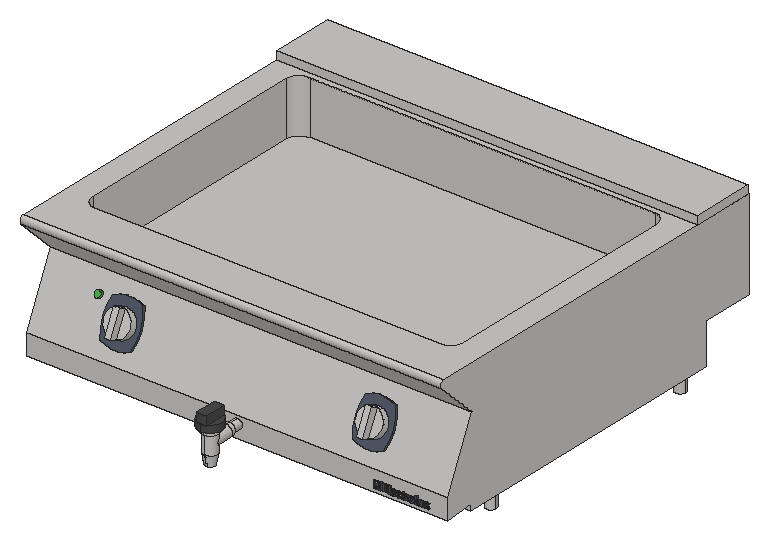
Revit family "QF_ELECTROLUXPROFESSIONAL_371145_E7BMEHB00N", category Specialty Equipment, Revit 2018
Family settings
  Round Connector Dimension = Use Diameter
  Part Type = Normal
  Work Plane-Based = No
  Always vertical = Yes
  Cut with Voids When Loaded = No
  Shared = No
  Room Calculation Point = No
Parameters
  Width = 800.1 mm  # constant formula
  Weight in Pounds = 60  # constant formula
  Watts = 3000 VA  # 3000 W
  Volts = 230 V  # constant formula
  URL Cutsheet = "www.electrolux.com/foodservice"
  URL = "www.electrolux.com/foodservice"
  Type Mark [instance] = ""
  Status [instance] = ""
  Specification by User [instance] = ""
  Specification by Manufacturer = ""
  Show Logo [instance] = yes
  Show Clearance [instance] = yes
  Serial Number = ""
  Seismic Rating = ""
  SMACNA No = ""
  Revision Code [instance] = ""
  Plumbing Remarks = ""
  Plumbing Connection Type = ""
  Phase = 3  # constant formula
  Omniclass Number and Title = ""
  Number of Poles [instance] = 1
  NAFEM Spec ID Number = ""
  Model = "371145"
  Min Ckt Ampacity = 0 A
  Max Overcurrent Protection = 0 A
  Masterspec = ""
  Manufacturer = "ELECTROLUX"
  Item Number [instance] = ""
  Installed By [instance] = ""
  Indirect Waste Size = 50 mm  # 1.9685"
  Indirect Waste Flow [instance] = 0 GPM
  Indirect Waste Connection Type = ""
  Indirect Waste Connection Height [instance] = 0 mm
  Identify Quantity as Lot [instance] = yes
  Height = 288.925 mm  # constant formula
  HP = "4 HP"
  Furnished By [instance] = ""
  Foodservice Equipment Identifier [instance] = yes
  FL Amps = if(Phase = 3, Watts / (Volts * 1.73), Watts / Volts)  # 7.53958 A
  Electrical Remarks [instance] = "230 V/3 ph/50/60 Hz"  # constant formula
  Electric Connection Type [instance] = ""
  Elec Conn RI Height [instance] = 0 mm
  Elec Conn Connection Height [instance] = 0 mm
  Direct Waste Size = 1/2"
  Description = "700XP Full Module Electric Bain Marie Top - 230V"
  Depth = 730.25 mm  # constant formula
  Cycle [instance] = if([60 Hertz Option], 60 Hz, 50 Hz)  # 60 Hz
  Conn Plug = ""
  Conn Conduit = yes
  CSI MasterFormat = ""
  CSI Master Format = ""
  Base Height [instance] = 23.813 mm  # constant formula
  Apparent Power = if(Phase = 3, Volts * FL Amps * 1.73, Volts * FL Amps)  # 3000 VA
  60 Hertz Option [instance] = not([50 Hertz Option])  # yes
  50 Hertz Option [instance] = no
Reference planes
  plane 1 "BACK": y = 0
  plane 2: z = 0
  plane 3 "LEFT": x = 0
  plane 4 "RIGHT": x = 800.1
  plane 5 "FRONT": y = -730.25
  plane 6 "TOP": z = 288.925
  plane 7 "Center Y": x = 400.05
  plane 8 "Center X": y = -365.125
  plane 9 "BASE": z = 23.813
  plane 10 "TOP A": z = 274.638
  plane 11: y = -597.884
  plane 12: y = -147.637
Forms (mm)
  Extrusion 1, solid, material "QF_Finishes_Stainless Steel"
    sketch origin (0, 0, 0) x (0, 1, 0) y (0, 0, 1)
      loop
        line (0, 274.638) -> (-723.029, 274.638)
        arc (-723.029, 274.638) -> (-729.756, 270.143) -> (-728.178, 262.208) r 7.281
        line (-728.178, 262.208) -> (-657.416, 191.447) -> (-713.772, 69.003) -> (-713.772, 30.903) -> (-660.4, 36.513) -> (-660.4, 23.812) -> (-101.6, 23.812) -> (-101.6, 101.6) -> (0, 101.6) -> (0, 274.638)
    from 0 to 800.1
  Extrusion 2, solid, material "QF_Finishes_Stainless Steel"
    sketch origin (0, 0, 274.638) x (-1, 0, 0) y (0, -1, 0)
      loop
        line (0, 0) -> (0, 120.65) -> (-800.1, 120.65) -> (-800.1, 0) -> (0, 0)
    from 0 to 14.287
  Extrusion 3, void
    sketch origin (0, 0, 274.638) x (-1, 0, 0) y (0, -1, 0)
      loop
        arc (-72.425, 132.504) -> (-54.464, 139.943) -> (-47.025, 157.904) r 25.4
        line (-47.025, 157.904) -> (-47.025, 617.104)
        arc (-47.025, 617.104) -> (-54.464, 635.064) -> (-72.425, 642.504) r 25.4
        line (-72.425, 642.504) -> (-727.675, 642.504)
        arc (-727.675, 642.504) -> (-745.636, 635.064) -> (-753.075, 617.104) r 25.4
        line (-753.075, 617.104) -> (-753.075, 157.904)
        arc (-753.075, 157.904) -> (-745.636, 139.943) -> (-727.675, 132.504) r 25.4
        line (-727.675, 132.504) -> (-72.425, 132.504)
    from 0 to -101.6
  Extrusion 4, solid, material "QF_Finishes_Stainless Steel"
    sketch origin (0, 0, 0) x (1, 0, 0) y (0, 1, 0)
      loop
        circle (11.112, -147.638) r 9.525
      loop
        circle (11.112, -597.884) r 9.525
      loop
        circle (788.987, -147.638) r 9.525
      loop
        circle (788.987, -597.884) r 9.525
    from 0 to 23.813
  Extrusion 5, solid, material "QF_Finishes_Green"
    sketch origin (-385.91, -713.772, 69.003) x (0, 0.418102, 0.9084) y (-1, 0, 0)
      loop
        circle (95.112, -490.898) r 6.35
    from 0 to 3.175
  Revolve 6, solid, material "QF_Finishes_Stainless Steel"
    sketch origin (400.05, -15.821, 0) x (0, 1, 0) y (0, 0, 1)
      loop
        line (-763.176, 15.689) -> (-754.167, 15.689) -> (-750.551, 36.201) -> (-750.551, 72.541) -> (-747.273, 72.541) -> (-747.273, 80.421) -> (-740.923, 80.421) -> (-740.923, 93.121) -> (-763.176, 93.121) -> (-763.176, 15.689)
      axis (-763.176, 15.689) -> (-763.176, 93.121)
    angle from 0 to 360
  Revolve 7, solid, material "QF_Finishes_Stainless Steel"
    sketch origin (400.05, 0, 0) x (0, 1, 0) y (0, 0, 1)
      loop
        line (-713.772, 55.563) -> (-782.002, 55.563) -> (-782.002, 43.259) -> (-742.607, 43.259) -> (-742.607, 44.961) -> (-733.614, 44.961) -> (-733.614, 47.008) -> (-713.772, 47.008) -> (-713.772, 55.563)
      axis (-782.002, 55.563) -> (-713.772, 55.563)
    angle from 0 to 360
  Extrusion 8, solid, material "QF_Finishes_Black"
    sketch origin (400.05, -778.997, 93.121) x (0, 1, 0) y (-1, 0, 0)
      loop
        line (20.063, 9.626) -> (-20.063, 9.626)
        arc (-20.063, 9.626) -> (-22.253, 0) -> (-20.063, -9.626) r 22.253
        line (-20.063, -9.626) -> (20.063, -9.626)
        arc (20.063, -9.626) -> (22.253, 0) -> (20.063, 9.626) r 22.253
    from 0 to 16.412
  Extrusion 9, solid, material "QF_Finishes_Stainless Steel"
    sketch origin (0, -101.6, 101.6) x (0, 0, -1) y (-1, 0, 0)
      loop
        circle (43.882, -62.029) r 12.7
    from 0 to 12.7
  Extrusion 10, solid, material "QF_Finishes_Clearance", visible <- "Show Clearance", detail levels coarse
    sketch origin (0, 0, 0) x (1, 0, 0) y (0, 1, 0)
      loop
        line (0, -730.25) -> (0, 0) -> (800.1, 0) -> (800.1, -730.25) -> (950.119, -730.25) -> (950.119, 150.019) -> (-150.019, 150.019) -> (-150.019, -730.25) -> (0, -730.25)
    from 0 to 288.925
  Extrusion 11, solid, material "QF_Finishes_Navy Blue"
    sketch origin (-379.27, -713.772, 69.003) x (0, 0.418102, 0.9084) y (-1, 0, 0)
      loop
        arc (102.623, -510.47) -> (67.041, -502.846) -> (31.333, -509.853) r 90.5
        arc (31.333, -509.853) -> (24.507, -539.04) -> (31.333, -568.228) r 65.817
        arc (31.333, -568.228) -> (67.04, -575.188) -> (102.623, -567.615) r 91.066
        arc (102.623, -567.615) -> (109.179, -539.043) -> (102.623, -510.47) r 65.546
    from 0 to 3.175
  Extrusion 12, solid, material "QF_Finishes_Stainless Steel"
    sketch origin (-0.52, -717.485, 68.529) x (0, 0.418102, 0.9084) y (-1, 0, 0)
      loop
        circle (68.826, -160.963) r 25.4
    from 0 to 12.7
  Extrusion 13, solid, material "QF_Finishes_Stainless Steel"
    sketch origin (-0.52, -729.022, 73.839) x (0, 0.418102, 0.9084) y (-1, 0, 0)
      loop
        arc (93.558, -166.749) -> (94.226, -160.963) -> (93.558, -155.177) r 25.4
        line (93.558, -155.177) -> (44.094, -155.177)
        arc (44.094, -155.177) -> (43.426, -160.963) -> (44.094, -166.749) r 25.4
        line (44.094, -166.749) -> (93.558, -166.749)
    from 0 to 12.7
  Extrusion 14, solid, material "QF_Finishes_Navy Blue", visible <- "Show Logo"
    sketch origin (372.5, -713.772, 30.903) x (0, 0, 1) y (-1, 0, 0)
      loop
        line (20.674, -296.698) -> (8.307, -296.698)
        arc (8.307, -296.698) -> (14.491, -301.27) -> (20.674, -296.698) r 6.467
      loop
        arc (20.674, -296.069) -> (19.505, -290.926) -> (14.849, -288.448) r 6.338
        line (14.849, -288.448) -> (14.849, -290.494)
        arc (14.849, -290.494) -> (16.333, -294.149) -> (19.778, -296.069) r 5.941
        line (19.778, -296.069) -> (20.674, -296.069)
      loop
        arc (9.203, -296.069) -> (12.648, -294.149) -> (14.132, -290.494) r 5.941
        line (14.132, -290.494) -> (14.132, -288.448)
        arc (14.132, -288.448) -> (9.438, -290.922) -> (8.148, -296.069) r 6.504
        line (8.148, -296.069) -> (9.203, -296.069)
      loop
        line (21.349, -287.979) -> (7.604, -287.979) -> (7.604, -301.742) -> (21.349, -301.742) -> (21.349, -287.979)
      loop
        arc (21.432, -304.71) -> (21.085, -304.352) -> (20.718, -304.69) r 0.358
        arc (20.718, -304.69) -> (20.404, -305.44) -> (19.687, -305.825) r 1.216
        line (19.687, -305.825) -> (9.274, -305.825)
        arc (9.274, -305.825) -> (8.614, -305.548) -> (8.218, -304.951) r 1.238
        arc (8.218, -304.951) -> (7.823, -304.7) -> (7.518, -305.054) r 0.358
        line (7.518, -305.054) -> (7.518, -314.933) -> (10.269, -314.933) -> (10.269, -314.036)
        arc (10.269, -314.036) -> (9.36, -313.456) -> (8.904, -312.479) r 1.928
        line (8.904, -312.479) -> (8.904, -309.98)
        arc (8.904, -309.98) -> (9.18, -309.251) -> (9.868, -308.887) r 1.101
        line (9.868, -308.887) -> (13.955, -308.887) -> (13.955, -312.561)
        arc (13.955, -312.561) -> (13.602, -313.058) -> (13.037, -313.286) r 1.083
        arc (13.037, -313.286) -> (12.773, -313.591) -> (13.065, -313.869) r 0.292
        line (13.065, -313.869) -> (16.028, -313.869)
        arc (16.028, -313.869) -> (16.33, -313.596) -> (16.092, -313.266) r 0.305
        arc (16.092, -313.266) -> (15.601, -313.018) -> (15.296, -312.561) r 1.083
        line (15.296, -312.561) -> (15.296, -308.887) -> (19.973, -308.887) -> (19.973, -312.635)
        arc (19.973, -312.635) -> (19.759, -313.39) -> (19.153, -313.888) r 1.314
        arc (19.153, -313.888) -> (18.934, -314.292) -> (19.288, -314.585) r 0.361
        line (19.288, -314.585) -> (21.432, -314.585) -> (21.432, -304.71)
      loop
        arc (20.715, -315.365) -> (20.335, -316.284) -> (19.416, -316.664) r 1.299
        line (19.416, -316.664) -> (9.837, -316.664)
        arc (9.837, -316.664) -> (8.999, -316.286) -> (8.728, -315.408) r 1.118
        line (8.728, -315.408) -> (7.518, -315.408) -> (7.518, -320.758) -> (8.706, -320.758)
        arc (8.706, -320.758) -> (8.978, -319.841) -> (9.848, -319.445) r 1.153
        line (9.848, -319.445) -> (21.92, -319.445) -> (20.715, -315.365)
      loop
        line (12.483, -323.394) -> (12.483, -329.842) -> (13.282, -329.842)
        arc (13.282, -329.842) -> (15.862, -328.857) -> (17.131, -326.404) r 3.874
        line (17.131, -326.404) -> (17.131, -324.643)
        arc (17.131, -324.643) -> (15.944, -321.778) -> (13.08, -320.592) r 4.051
        line (13.08, -320.592) -> (11.072, -320.592)
        arc (11.072, -320.592) -> (8.253, -322.077) -> (7.202, -325.084) r 4.352
        arc (7.202, -325.084) -> (7.566, -327.547) -> (8.943, -329.621) r 5.713
        line (8.943, -329.621) -> (9.892, -329.621)
        arc (9.892, -329.621) -> (9.16, -328.052) -> (8.943, -326.334) r 5.579
        arc (8.943, -326.334) -> (9.737, -324.371) -> (11.616, -323.394) r 3.057
        line (11.616, -323.394) -> (12.483, -323.394)
      loop
        line (13.742, -323.394) -> (13.742, -326.977)
        arc (13.742, -326.977) -> (15.199, -327.024) -> (16.082, -325.864) r 1.59
        line (16.082, -325.864) -> (16.082, -325.034)
        arc (16.082, -325.034) -> (15.217, -323.779) -> (13.742, -323.394) r 2.184
      loop
        arc (16.533, -339.259) -> (17.022, -337.585) -> (17.179, -335.848) r 9.023
        line (17.179, -335.848) -> (17.179, -334.486)
        arc (17.179, -334.486) -> (16.02, -331.686) -> (13.22, -330.527) r 3.959
        line (13.22, -330.527) -> (10.62, -330.527)
        arc (10.62, -330.527) -> (8.338, -331.819) -> (7.221, -334.192) r 4.331
        line (7.221, -334.192) -> (7.221, -336.327)
        arc (7.221, -336.327) -> (7.729, -337.877) -> (8.651, -339.223) r 5.772
        arc (8.651, -339.223) -> (9.412, -339.274) -> (9.499, -338.515) r 0.553
        arc (9.499, -338.515) -> (9.111, -337.781) -> (8.977, -336.962) r 2.573
        line (8.977, -336.962) -> (8.977, -335.447)
        arc (8.977, -335.447) -> (9.983, -333.806) -> (11.798, -333.163) r 2.884
        line (11.798, -333.163) -> (13.077, -333.163)
        arc (13.077, -333.163) -> (14.898, -333.723) -> (15.824, -335.388) r 2.554
        line (15.824, -335.388) -> (15.824, -336.441)
        arc (15.824, -336.441) -> (15.493, -337.369) -> (14.836, -338.104) r 2.564
        arc (14.836, -338.104) -> (14.614, -338.821) -> (15.223, -339.259) r 0.643
        line (15.223, -339.259) -> (16.533, -339.259)
      loop
        line (15.515, -339.53) -> (15.515, -341.031) -> (9.467, -341.031)
        arc (9.467, -341.031) -> (7.879, -341.688) -> (7.221, -343.276) r 2.246
        line (7.221, -343.276) -> (7.221, -344.86)
        arc (7.221, -344.86) -> (7.535, -345.725) -> (8.035, -346.496) r 4.06
        arc (8.035, -346.496) -> (8.768, -346.629) -> (9.019, -345.928) r 0.576
        arc (9.019, -345.928) -> (8.913, -345.403) -> (8.977, -344.87) r 1.69
        arc (8.977, -344.87) -> (9.519, -344.082) -> (10.425, -343.779) r 1.506
        line (10.425, -343.779) -> (15.563, -343.779) -> (15.563, -346.176) -> (16.119, -346.733) -> (16.941, -346.733) -> (16.941, -343.873) -> (20.172, -343.873) -> (15.515, -339.53)
      loop
        line (7.438, -347.63) -> (7.438, -353.017) -> (8.548, -353.017)
        arc (8.548, -353.017) -> (8.942, -352.066) -> (9.893, -351.672) r 1.345
        line (9.893, -351.672) -> (13.509, -351.672)
        arc (13.509, -351.672) -> (14.274, -352.264) -> (14.564, -353.186) r 1.615
        line (14.564, -353.186) -> (14.564, -354.742) -> (17.119, -355.427) -> (17.119, -354.044) -> (15.177, -351.485) -> (17.057, -351.485) -> (16.773, -348.779)
        arc (16.773, -348.779) -> (16.333, -348.249) -> (15.674, -348.45) r 0.621
        arc (15.674, -348.45) -> (15.274, -348.792) -> (14.78, -348.975) r 1.501
        line (14.78, -348.975) -> (9.893, -348.975)
        arc (9.893, -348.975) -> (8.942, -348.581) -> (8.548, -347.63) r 1.345
        line (8.548, -347.63) -> (7.438, -347.63)
      loop
        line (13.54, -354.964) -> (10.848, -354.964)
        arc (10.848, -354.964) -> (8.403, -356.272) -> (7.269, -358.803) r 4.288
        arc (7.269, -358.803) -> (7.205, -360.183) -> (7.269, -361.563) r 15.022
        arc (7.269, -361.563) -> (8.403, -364.094) -> (10.848, -365.401) r 4.288
        line (10.848, -365.401) -> (13.54, -365.401)
        arc (13.54, -365.401) -> (15.986, -364.094) -> (17.119, -361.563) r 4.288
        arc (17.119, -361.563) -> (17.183, -360.183) -> (17.119, -358.803) r 15.022
        arc (17.119, -358.803) -> (15.986, -356.272) -> (13.54, -354.964) r 4.288
      loop
        line (13.745, -358.078) -> (10.643, -358.078)
        arc (10.643, -358.078) -> (8.486, -360.235) -> (10.643, -362.392) r 2.157
        line (10.643, -362.392) -> (13.745, -362.392)
        arc (13.745, -362.392) -> (15.902, -360.235) -> (13.745, -358.078) r 2.157
      loop
        arc (20.726, -365.26) -> (20.355, -366.154) -> (19.461, -366.524) r 1.264
        line (19.461, -366.524) -> (9.597, -366.524)
        arc (9.597, -366.524) -> (8.727, -366.127) -> (8.455, -365.211) r 1.153
        line (8.455, -365.211) -> (7.518, -365.211) -> (7.518, -370.319) -> (8.446, -370.319)
        arc (8.446, -370.319) -> (8.805, -369.547) -> (9.597, -369.232) r 1.153
        line (9.597, -369.232) -> (21.92, -369.232) -> (20.726, -365.26)
      loop
        arc (15.846, -369.857) -> (15.647, -370.921) -> (14.678, -371.403) r 1.215
        line (14.678, -371.403) -> (9.658, -371.403)
        arc (9.658, -371.403) -> (8.043, -372.051) -> (7.322, -373.634) r 2.338
        line (7.322, -373.634) -> (7.322, -375.148)
        arc (7.322, -375.148) -> (7.497, -376.152) -> (7.999, -377.038) r 2.979
        line (7.999, -377.038) -> (7.518, -378.835) -> (7.518, -380.524) -> (16.943, -380.524) -> (16.649, -376.32) -> (15.863, -376.32)
        arc (15.863, -376.32) -> (15.507, -377.156) -> (14.755, -377.665) r 1.605
        line (14.755, -377.665) -> (9.652, -377.665)
        arc (9.652, -377.665) -> (9.232, -376.728) -> (9.159, -375.704) r 2.94
        arc (9.159, -375.704) -> (9.72, -374.603) -> (10.873, -374.16) r 1.724
        line (10.873, -374.16) -> (17.07, -374.16) -> (15.846, -369.857)
      loop
        line (16.874, -381.377) -> (15.202, -383.423) -> (12.028, -385.729) -> (8.572, -382.617)
        arc (8.572, -382.617) -> (8.335, -382.223) -> (8.357, -381.764) r 0.789
        line (8.357, -381.764) -> (7.518, -381.764) -> (7.518, -385.309) -> (8.344, -385.309)
        arc (8.344, -385.309) -> (8.686, -384.947) -> (9.176, -385.039) r 0.52
        line (9.176, -385.039) -> (10.976, -386.51) -> (8.858, -387.886)
        arc (8.858, -387.886) -> (8.457, -387.576) -> (8.37, -387.076) r 0.7
        line (8.37, -387.076) -> (7.518, -387.076) -> (7.518, -393.003) -> (8.405, -393.003)
        arc (8.405, -393.003) -> (8.472, -392.344) -> (8.866, -391.813) r 1.247
        line (8.866, -391.813) -> (13.066, -388.532) -> (15.513, -390.585) -> (16.874, -392.327) -> (16.874, -388.604) -> (15.389, -389.026) -> (13.868, -387.749) -> (15.568, -386.559) -> (16.874, -387.336) -> (16.874, -381.377)
    from 0 to 1.644
  Extrusion 15, solid, material "QF_Finishes_Navy Blue"
    sketch origin (1179.37, -713.772, 69.003) x (0, 0.418102, 0.9084) y (-1, 0, 0)
      loop
        arc (102.623, 510.47) -> (109.179, 539.043) -> (102.623, 567.615) r 65.546
        arc (102.623, 567.615) -> (67.04, 575.188) -> (31.333, 568.228) r 91.066
        arc (31.333, 568.228) -> (24.507, 539.04) -> (31.333, 509.853) r 65.817
        arc (31.333, 509.853) -> (67.041, 502.846) -> (102.623, 510.47) r 90.5
    from 0 to 3.175
  Extrusion 16, solid, material "QF_Finishes_Stainless Steel"
    sketch origin (1558.12, -717.485, 68.529) x (0, 0.418102, 0.9084) y (-1, 0, 0)
      loop
        circle (68.826, 918.463) r 25.4
    from 0 to 12.7
  Extrusion 17, solid, material "QF_Finishes_Stainless Steel"
    sketch origin (1558.12, -729.022, 73.839) x (0, 0.418102, 0.9084) y (-1, 0, 0)
      loop
        line (93.558, 924.249) -> (44.094, 924.249)
        arc (44.094, 924.249) -> (43.426, 918.463) -> (44.094, 912.677) r 25.4
        line (44.094, 912.677) -> (93.558, 912.677)
        arc (93.558, 912.677) -> (94.226, 918.463) -> (93.558, 924.249) r 25.4
    from 0 to 12.7
Cuts and joins
  Extrusion 3 cuts Extrusion 1
Lines and regions (mm)
  symbolic lines, style "QF-Clearances", visible <- "Show Clearance", detail levels coarse
    curve 1: line (-150.019, 150.019, 274.638) -> (-150.019, -730.25, 274.638)
    curve 2: line (950.119, 150.019, 274.638) -> (-150.019, 150.019, 274.638)
    curve 3: line (950.119, -730.25, 274.638) -> (950.119, 150.019, 274.638)
  symbolic lines
    curve 4: line (0, 0, 274.638) -> (800.1, 0, 274.638)
    curve 5: line (0, -730.25, 274.638) -> (0, 0, 274.638)
    curve 6: line (800.1, 0, 274.638) -> (800.1, -730.25, 274.638)
    curve 7: line (47.025, -157.904, 274.638) -> (47.025, -617.104, 274.638)
    curve 8: arc (47.025, -617.104, 274.638) -> (54.464, -635.064, 274.638) -> (72.425, -642.504, 274.638) r 25.4
    curve 9: line (72.425, -642.504, 274.638) -> (727.675, -642.504, 274.638)
    curve 10: arc (727.675, -642.504, 274.638) -> (745.636, -635.064, 274.638) -> (753.075, -617.104, 274.638) r 25.4
    curve 11: line (753.075, -617.104, 274.638) -> (753.075, -157.904, 274.638)
    curve 12: line (727.675, -132.504, 274.638) -> (72.425, -132.504, 274.638)
    curve 13: line (0, -120.65, 274.638) -> (800.1, -120.65, 274.638)
    curve 14: line (0, -69.85, 274.638) -> (0, -120.65, 274.638)
    curve 15: circle (400.05, -778.997, 274.638) r 22.253 normal (0, 0, 1)
    curve 16: line (800.1, -730.25, 274.638) -> (0, -730.25, 274.638)
    curve 17: line (409.676, -799.06, 274.638) -> (409.676, -758.934, 274.638)
    curve 18: line (390.424, -799.06, 274.638) -> (390.424, -758.934, 274.638)
    curve 19: arc (72.425, -132.504, 274.638) -> (54.464, -139.943, 274.638) -> (47.025, -157.904, 274.638) r 25.4
    curve 20: arc (727.675, -132.504, 274.638) -> (745.636, -139.943, 274.638) -> (753.075, -157.904, 274.638) r 25.4
    curve 21: line (389.379, -759.47, 274.638) -> (389.379, -730.25, 274.638)
    curve 22: line (410.721, -759.47, 274.638) -> (410.721, -730.25, 274.638)
Dimensions and locks
  equal spacing: plane 3 "LEFT", plane 7 "Center Y", plane 4 "RIGHT"
  "Width": plane 3 "LEFT" to plane 4 "RIGHT"
  equal spacing: plane 5 "FRONT", plane 8 "Center X", plane 1 "BACK"
  "Depth": plane 5 "FRONT" to plane 1 "BACK"
  "Height": plane 6 "TOP" to level
  plane 1 "BACK" to plane 5 "FRONT" = 730.25 mm
  "Base Height": plane 9 "BASE" to level
  locked: plane 10 "TOP A" to plane 9 "BASE" at 250.825
  aligned and locked: level to plane 2
  aligned and locked: plane 4 "RIGHT" to Extrusion 1
  aligned and locked: plane 6 "TOP" to Extrusion 2
  aligned and locked: Extrusion 4 to plane 9 "BASE"
  aligned and locked: plane 6 "TOP" to Extrusion 10
  aligned and locked: plane 4 "RIGHT" to Extrusion 2
Automatic sketch dimensions
  Extrusion 1 sketch curve to plane 10 "TOP A" = 0 mm
  Extrusion 1 sketch curve to plane 9 "BASE" = 0 mm
  Extrusion 1 sketch curve to plane 1 "BACK" = 0 mm
  Extrusion 1 sketch curve to plane 12 = 46.038 mm
  plane 11 to Extrusion 1 sketch curve = 59.531 mm
  plane 9 "BASE" to Extrusion 1 sketch curve = 12.7 mm
  plane 11 to Extrusion 1 sketch curve = 62.516 mm
  Extrusion 1 sketch curve to plane 5 "FRONT" = 16.478 mm
  Extrusion 1 sketch curve to plane 5 "FRONT" = 7.221 mm
  Extrusion 1 sketch curve to plane 5 "FRONT" = 2.072 mm
  plane 9 "BASE" to Extrusion 1 sketch curve = 7.09 mm
  Extrusion 1 sketch curve to Extrusion 1 sketch curve = 38.1 mm
  plane 9 "BASE" to Extrusion 1 sketch curve = 77.788 mm
  Extrusion 1 sketch curve to plane 10 "TOP A" = 83.191 mm
  Extrusion 1 sketch curve to plane 10 "TOP A" = 12.429 mm
  plane 1 "BACK" to Extrusion 2 sketch curve = 0 mm
  Extrusion 2 sketch curve to plane 4 "RIGHT" = 0 mm
  Extrusion 2 sketch curve to plane 3 "LEFT" = 0 mm
  Extrusion 2 sketch curve to plane 12 = 26.988 mm
  Extrusion 3 sketch curve to plane 4 "RIGHT" = 47.025 mm
  Extrusion 3 sketch curve to Extrusion 3 sketch curve = 25.4 mm  (x3)
  Extrusion 3 sketch curve to plane 12 = 15.134 mm
  plane 12 to Extrusion 3 sketch curve = 10.266 mm
  plane 3 "LEFT" to Extrusion 3 sketch curve = 72.425 mm
  plane 11 to Extrusion 3 sketch curve = 19.219 mm
  plane 11 to Extrusion 4 sketch curve = 0 mm  (x2)
  plane 12 to Extrusion 4 sketch curve = 0 mm  (x2)
  plane 3 "LEFT" to Extrusion 4 sketch curve = 11.112 mm  (x2)
  Extrusion 4 sketch curve to plane 4 "RIGHT" = 11.113 mm  (x2)
  Extrusion 1 to Extrusion 5 sketch curve = 39.678 mm
  Extrusion 1 to Extrusion 5 sketch curve = 104.988 mm
  Revolve 6 sketch curve to plane 9 "BASE" = 8.123 mm
  plane 5 "FRONT" to Revolve 6 sketch curve = 48.747 mm
  Revolve 6 sketch curve to Revolve 6 sketch curve = 0 mm
  Revolve 6 sketch curve to Revolve 6 sketch curve = 9.009 mm
  plane 9 "BASE" to Revolve 6 sketch curve = 12.388 mm
  Revolve 6 sketch curve to Revolve 6 sketch curve = 3.617 mm
  Revolve 6 sketch curve to Revolve 6 sketch curve = 3.277 mm
  Revolve 6 sketch curve to Revolve 6 sketch curve = 6.35 mm
  Revolve 6 sketch curve to Revolve 6 sketch curve = 36.341 mm
  Revolve 6 sketch curve to Revolve 6 sketch curve = 7.879 mm
  Revolve 6 sketch curve to Revolve 6 sketch curve = 12.7 mm  (x2)
  Revolve 6 sketch curve to Revolve 6 sketch curve = 15.064 mm
  plane 5 "FRONT" to Revolve 7 sketch curve = 51.752 mm
  plane 5 "FRONT" to Revolve 7 sketch curve = 12.357 mm
  plane 5 "FRONT" to Revolve 7 sketch curve = 3.364 mm
  Revolve 7 sketch curve to plane 5 "FRONT" = 16.478 mm
  Revolve 7 sketch curve to Revolve 7 sketch curve = 0 mm  (x2)
  Revolve 7 sketch curve to Revolve 7 sketch curve = 9.137 mm
  plane 9 "BASE" to Revolve 7 sketch curve = 19.447 mm
  Revolve 7 sketch curve to Revolve 7 sketch curve = 1.702 mm
  Revolve 7 sketch curve to Revolve 7 sketch curve = 2.047 mm
  Revolve 7 sketch curve to Revolve 7 sketch curve = 12.303 mm
  Extrusion 8 sketch curve to Revolve 6 = 9.626 mm
  Revolve 6 to Extrusion 8 sketch curve = 9.626 mm
  Extrusion 8 sketch curve to Extrusion 8 sketch curve = 0 mm
  Extrusion 1 to Extrusion 9 sketch curve = 33.906 mm
  Extrusion 1 to Extrusion 9 sketch curve = 62.029 mm
  plane 5 "FRONT" to Extrusion 10 sketch curve = 0 mm  (x2)
  plane 1 "BACK" to Extrusion 10 sketch curve = 0 mm
  Extrusion 10 sketch curve to plane 3 "LEFT" = 0 mm
  Extrusion 10 sketch curve to plane 4 "RIGHT" = 0 mm
  Extrusion 10 sketch curve to plane 3 "LEFT" = 150.019 mm
  plane 4 "RIGHT" to Extrusion 10 sketch curve = 150.019 mm
  Extrusion 10 sketch curve to plane 1 "BACK" = 150.019 mm
  plane 5 "FRONT" to curve 3 = 0 mm
  curve 13 to plane 4 "RIGHT" = 0 mm
  plane 5 "FRONT" to curve 22 = 0 mm
  curve 15 to plane 7 "Center Y" = 0 mm
  curve 14 to plane 3 "LEFT" = 0 mm
  plane 1 "BACK" to curve 5 = 0 mm
  curve 5 to plane 3 "LEFT" = 0 mm
  plane 5 "FRONT" to curve 1 = 0 mm
  plane 4 "RIGHT" to curve 3 = 150.019 mm
  curve 10 to plane 4 "RIGHT" = 47.025 mm
  curve 12 to plane 12 = 15.134 mm
  curve 11 to curve 12 = 25.4 mm
  curve 10 to curve 10 = 25.4 mm
  plane 7 "Center Y" to curve 22 = 10.671 mm
  plane 7 "Center Y" to curve 17 = 9.626 mm
  curve 18 to plane 7 "Center Y" = 9.626 mm
  curve 18 to curve 21 = 1.046 mm
  plane 3 "LEFT" to curve 12 = 72.425 mm
  plane 11 to curve 8 = 19.219 mm
  plane 3 "LEFT" to curve 8 = 72.425 mm
  curve 8 to curve 7 = 25.4 mm
  curve 1 to plane 3 "LEFT" = 150.019 mm
  curve 1 to plane 1 "BACK" = 150.019 mm
  plane 1 "BACK" to curve 14 = 69.85 mm
  curve 13 to plane 12 = 26.988 mm
  plane 5 "FRONT" to curve 17 = 28.684 mm
  curve 18 to curve 21 = 0.536 mm
  Extrusion 11 sketch curve to Extrusion 1 = 31.333 mm  (x2)
  Extrusion 11 sketch curve to Extrusion 11 sketch curve = 12.3 mm  (x3)
  Extrusion 11 sketch curve to Extrusion 11 sketch curve = 34.925 mm  (x2)
  Extrusion 1 to Extrusion 11 sketch curve = 44.467 mm
  Extrusion 1 to Extrusion 11 sketch curve = 214.072 mm
  Extrusion 11 sketch curve to Extrusion 11 sketch curve = 25.114 mm
  Extrusion 11 sketch curve to Extrusion 11 sketch curve = 25.727 mm
  Extrusion 11 sketch curve to Extrusion 11 sketch curve = 29.185 mm
  Extrusion 13 sketch curve to Extrusion 13 sketch curve = 24.732 mm
  Extrusion 13 sketch curve to Extrusion 13 sketch curve = 0 mm
  plane 9 "BASE" to Extrusion 14 sketch curve = 9.251 mm
  plane 9 "BASE" to Extrusion 14 sketch curve = 14.292 mm
  plane 9 "BASE" to Extrusion 14 sketch curve = 14.311 mm
  Extrusion 14 sketch curve to Extrusion 14 sketch curve = 0 mm  (x28)
  Extrusion 14 sketch curve to Extrusion 14 sketch curve = 5.108 mm  (x2)
  Extrusion 14 sketch curve to Extrusion 14 sketch curve = 0.054 mm
  Extrusion 14 sketch curve to Extrusion 14 sketch curve = 0.218 mm
  Extrusion 14 sketch curve to Extrusion 14 sketch curve = 0.195 mm
  Extrusion 14 sketch curve to Extrusion 14 sketch curve = 0.249 mm
  plane 9 "BASE" to Extrusion 14 sketch curve = 14.608 mm
  Extrusion 14 sketch curve to Extrusion 14 sketch curve = 0.087 mm
  Extrusion 14 sketch curve to Extrusion 14 sketch curve = 0.358 mm
  Extrusion 14 sketch curve to Extrusion 14 sketch curve = 0.481 mm
  Extrusion 14 sketch curve to Extrusion 14 sketch curve = 0.597 mm
  Extrusion 14 sketch curve to Extrusion 14 sketch curve = 0.544 mm
  Extrusion 14 sketch curve to Extrusion 14 sketch curve = 0.936 mm
  Extrusion 14 sketch curve to Extrusion 14 sketch curve = 0.594 mm
  Extrusion 14 sketch curve to Extrusion 14 sketch curve = 0.343 mm
  Extrusion 14 sketch curve to Extrusion 14 sketch curve = 0.159 mm
  Extrusion 14 sketch curve to Extrusion 14 sketch curve = 0.826 mm
  Extrusion 14 sketch curve to Extrusion 14 sketch curve = 0.839 mm
  Extrusion 14 sketch curve to Extrusion 14 sketch curve = 0.852 mm
  Extrusion 14 sketch curve to Extrusion 14 sketch curve = 0.887 mm
  Extrusion 14 sketch curve to Extrusion 14 sketch curve = 0.928 mm
  Extrusion 14 sketch curve to Extrusion 14 sketch curve = 0.938 mm
  Extrusion 14 sketch curve to Extrusion 14 sketch curve = 0.444 mm
  Extrusion 14 sketch curve to Extrusion 14 sketch curve = 1.11 mm  (x3)
  Extrusion 14 sketch curve to Extrusion 14 sketch curve = 0.215 mm
  Extrusion 14 sketch curve to Extrusion 14 sketch curve = 1.43 mm
  Extrusion 14 sketch curve to Extrusion 14 sketch curve = 1.188 mm
  Extrusion 14 sketch curve to Extrusion 14 sketch curve = 1.21 mm  (x2)
  Extrusion 14 sketch curve to Extrusion 14 sketch curve = 0.503 mm
  Extrusion 14 sketch curve to Extrusion 14 sketch curve = 0.488 mm
  Extrusion 14 sketch curve to Extrusion 14 sketch curve = 0.462 mm
  Extrusion 14 sketch curve to Extrusion 14 sketch curve = 1.386 mm
  Extrusion 14 sketch curve to Extrusion 14 sketch curve = 1.742 mm  (x2)
  Extrusion 14 sketch curve to Extrusion 14 sketch curve = 0.821 mm
  Extrusion 14 sketch curve to Extrusion 14 sketch curve = 0.497 mm
  Extrusion 14 sketch curve to Extrusion 14 sketch curve = 0.539 mm
  Extrusion 14 sketch curve to Extrusion 14 sketch curve = 0.686 mm
  Extrusion 14 sketch curve to Extrusion 14 sketch curve = 0.408 mm
  Extrusion 14 sketch curve to Extrusion 14 sketch curve = 0.743 mm
  Extrusion 14 sketch curve to Extrusion 14 sketch curve = 1.16 mm
  Extrusion 14 sketch curve to Extrusion 14 sketch curve = 0.329 mm
  Extrusion 14 sketch curve to Extrusion 14 sketch curve = 1.054 mm
  Extrusion 14 sketch curve to Extrusion 14 sketch curve = 1.056 mm
  Extrusion 14 sketch curve to Extrusion 14 sketch curve = 0.129 mm
  Extrusion 14 sketch curve to Extrusion 14 sketch curve = 0.489 mm
  Extrusion 14 sketch curve to Extrusion 14 sketch curve = 0.441 mm
  Extrusion 14 sketch curve to Extrusion 14 sketch curve = 1.151 mm
  Extrusion 14 sketch curve to Extrusion 14 sketch curve = 1.141 mm  (x2)
  Extrusion 14 sketch curve to Extrusion 14 sketch curve = 0.768 mm
  Extrusion 14 sketch curve to Extrusion 14 sketch curve = 1.653 mm
  Extrusion 14 sketch curve to Extrusion 14 sketch curve = 0.499 mm
  Extrusion 14 sketch curve to Extrusion 14 sketch curve = 0.964 mm
  Extrusion 14 sketch curve to Extrusion 14 sketch curve = 0.949 mm
  Extrusion 14 sketch curve to Extrusion 14 sketch curve = 1.345 mm  (x3)
  Extrusion 14 sketch curve to Extrusion 14 sketch curve = 1.101 mm
  Extrusion 14 sketch curve to Extrusion 14 sketch curve = 0.432 mm
  Extrusion 14 sketch curve to Extrusion 14 sketch curve = 1.142 mm
  Extrusion 14 sketch curve to Extrusion 14 sketch curve = 0.959 mm
  Extrusion 14 sketch curve to Extrusion 14 sketch curve = 0.176 mm
  Extrusion 14 sketch curve to Extrusion 14 sketch curve = 0.728 mm
  Extrusion 14 sketch curve to Extrusion 14 sketch curve = 3.375 mm  (x2)
  Extrusion 14 sketch curve to Extrusion 14 sketch curve = 0.541 mm
  Extrusion 14 sketch curve to Extrusion 14 sketch curve = 0.955 mm
  Extrusion 14 sketch curve to Extrusion 14 sketch curve = 1.251 mm
  Extrusion 14 sketch curve to Extrusion 14 sketch curve = 0.572 mm
  Extrusion 14 sketch curve to Extrusion 14 sketch curve = 1.92 mm
  Extrusion 14 sketch curve to Extrusion 14 sketch curve = 1.224 mm
  Extrusion 14 sketch curve to Extrusion 14 sketch curve = 0.745 mm
  Extrusion 14 sketch curve to Extrusion 14 sketch curve = 2.537 mm
  Extrusion 14 sketch curve to Extrusion 14 sketch curve = 0.896 mm  (x3)
  Extrusion 14 sketch curve to Extrusion 14 sketch curve = 0.036 mm
  Extrusion 14 sketch curve to Extrusion 14 sketch curve = 2.607 mm
  Extrusion 14 sketch curve to Extrusion 14 sketch curve = 0.066 mm
  Extrusion 14 sketch curve to Extrusion 14 sketch curve = 0.248 mm
  Extrusion 14 sketch curve to Extrusion 14 sketch curve = 0.449 mm
  Extrusion 14 sketch curve to Extrusion 14 sketch curve = 1.052 mm
  Extrusion 14 sketch curve to Extrusion 14 sketch curve = 1.863 mm
  Extrusion 14 sketch curve to Extrusion 14 sketch curve = 1.31 mm  (x2)
  Extrusion 14 sketch curve to Extrusion 14 sketch curve = 0.901 mm
  Extrusion 14 sketch curve to Extrusion 14 sketch curve = 1.107 mm
  Extrusion 14 sketch curve to Extrusion 14 sketch curve = 2.122 mm
  Extrusion 14 sketch curve to Extrusion 14 sketch curve = 2.101 mm
  Extrusion 14 sketch curve to Extrusion 14 sketch curve = 0.106 mm
  Extrusion 14 sketch curve to Extrusion 14 sketch curve = 0.029 mm
  Extrusion 14 sketch curve to Extrusion 14 sketch curve = 2.09 mm
  Extrusion 14 sketch curve to Extrusion 14 sketch curve = 1.279 mm
  Extrusion 14 sketch curve to Extrusion 14 sketch curve = 2.008 mm
  Extrusion 14 sketch curve to Extrusion 14 sketch curve = 0.738 mm
  Extrusion 14 sketch curve to Extrusion 14 sketch curve = 0.382 mm
  Extrusion 14 sketch curve to Extrusion 14 sketch curve = 0.384 mm
  Extrusion 14 sketch curve to Extrusion 14 sketch curve = 0.002 mm
  Extrusion 14 sketch curve to Extrusion 14 sketch curve = 0.561 mm
  Extrusion 14 sketch curve to Extrusion 14 sketch curve = 0.592 mm
  Extrusion 14 sketch curve to Extrusion 14 sketch curve = 2.692 mm
  Extrusion 14 sketch curve to Extrusion 14 sketch curve = 1.259 mm
  Extrusion 14 sketch curve to Extrusion 14 sketch curve = 0.802 mm
  Extrusion 14 sketch curve to Extrusion 14 sketch curve = 1.024 mm
  Extrusion 14 sketch curve to Extrusion 14 sketch curve = 0.682 mm
  Extrusion 14 sketch curve to Extrusion 14 sketch curve = 5.934 mm
  Extrusion 14 sketch curve to Extrusion 14 sketch curve = 2.186 mm
  Extrusion 14 sketch curve to Extrusion 14 sketch curve = 0.337 mm
  Extrusion 14 sketch curve to Extrusion 14 sketch curve = 0.021 mm
  Extrusion 14 sketch curve to Extrusion 14 sketch curve = 1.005 mm
  Extrusion 14 sketch curve to Extrusion 14 sketch curve = 0.552 mm
  Extrusion 14 sketch curve to Extrusion 14 sketch curve = 0.778 mm
  Extrusion 14 sketch curve to Extrusion 14 sketch curve = 0.063 mm
  Extrusion 14 sketch curve to Extrusion 14 sketch curve = 1.023 mm
  Extrusion 14 sketch curve to Extrusion 14 sketch curve = 3.804 mm
  Extrusion 14 sketch curve to Extrusion 14 sketch curve = 0.486 mm
  Extrusion 14 sketch curve to Extrusion 14 sketch curve = 0.266 mm
  Extrusion 14 sketch curve to Extrusion 14 sketch curve = 1.547 mm
  Extrusion 14 sketch curve to Extrusion 14 sketch curve = 0.717 mm  (x2)
  Extrusion 14 sketch curve to Extrusion 14 sketch curve = 1.667 mm
  Extrusion 14 sketch curve to Extrusion 14 sketch curve = 3.174 mm
  Extrusion 14 sketch curve to Extrusion 14 sketch curve = 0.388 mm
  Extrusion 14 sketch curve to Extrusion 14 sketch curve = 1.342 mm
  Extrusion 14 sketch curve to Extrusion 14 sketch curve = 1.521 mm
  Extrusion 14 sketch curve to Extrusion 14 sketch curve = 0.124 mm
  Extrusion 14 sketch curve to Extrusion 14 sketch curve = 0.291 mm
  Extrusion 14 sketch curve to Extrusion 14 sketch curve = 1.049 mm  (x2)
  Extrusion 14 sketch curve to Extrusion 14 sketch curve = 1.7 mm
  Extrusion 14 sketch curve to Extrusion 14 sketch curve = 0.894 mm
  Extrusion 14 sketch curve to Extrusion 14 sketch curve = 0.989 mm
  Extrusion 14 sketch curve to Extrusion 14 sketch curve = 1.168 mm
  Extrusion 14 sketch curve to Extrusion 14 sketch curve = 1.594 mm
  Extrusion 14 sketch curve to Extrusion 14 sketch curve = 0.731 mm
  Extrusion 14 sketch curve to Extrusion 14 sketch curve = 1.566 mm
  Extrusion 14 sketch curve to Extrusion 14 sketch curve = 0.064 mm
  Extrusion 14 sketch curve to Extrusion 14 sketch curve = 0.556 mm  (x2)
  Extrusion 14 sketch curve to Extrusion 14 sketch curve = 0.48 mm
  Extrusion 14 sketch curve to Extrusion 14 sketch curve = 0.228 mm
  Extrusion 14 sketch curve to Extrusion 14 sketch curve = 1.018 mm
  Extrusion 14 sketch curve to Extrusion 14 sketch curve = 0.787 mm
  Extrusion 14 sketch curve to Extrusion 14 sketch curve = 0.618 mm
  Extrusion 14 sketch curve to Extrusion 14 sketch curve = 1.672 mm
  Extrusion 14 sketch curve to Extrusion 14 sketch curve = 1.361 mm
  Extrusion 14 sketch curve to Extrusion 14 sketch curve = 0.822 mm
  Extrusion 14 sketch curve to Extrusion 14 sketch curve = 0.069 mm
  Extrusion 14 sketch curve to Extrusion 14 sketch curve = 1.88 mm
  Extrusion 14 sketch curve to Extrusion 14 sketch curve = 0.42 mm
  Extrusion 14 sketch curve to Extrusion 14 sketch curve = 0.062 mm
  Extrusion 14 sketch curve to Extrusion 14 sketch curve = 1.355 mm
  Extrusion 14 sketch curve to Extrusion 14 sketch curve = 2.34 mm
  Extrusion 14 sketch curve to Extrusion 14 sketch curve = 0.493 mm
  Extrusion 14 sketch curve to Extrusion 14 sketch curve = 0.136 mm
  Extrusion 14 sketch curve to Extrusion 14 sketch curve = 0.128 mm
  Extrusion 14 sketch curve to Extrusion 14 sketch curve = 3.616 mm
  Extrusion 14 sketch curve to Extrusion 14 sketch curve = 4.207 mm
  Extrusion 14 sketch curve to Extrusion 14 sketch curve = 0.183 mm
  Extrusion 14 sketch curve to Extrusion 14 sketch curve = 0.895 mm
  Extrusion 14 sketch curve to Extrusion 14 sketch curve = 1.314 mm
  Extrusion 14 sketch curve to Extrusion 14 sketch curve = 3.231 mm
  Extrusion 14 sketch curve to Extrusion 14 sketch curve = 1.299 mm
  Extrusion 14 sketch curve to Extrusion 14 sketch curve = 1.214 mm
  Extrusion 14 sketch curve to Extrusion 14 sketch curve = 1.264 mm
  Extrusion 14 sketch curve to Extrusion 14 sketch curve = 0.109 mm
  Extrusion 14 sketch curve to Extrusion 14 sketch curve = 0.357 mm
  Extrusion 14 sketch curve to Extrusion 14 sketch curve = 0.565 mm
  Extrusion 14 sketch curve to Extrusion 14 sketch curve = 2.504 mm
  Extrusion 14 sketch curve to Extrusion 14 sketch curve = 2.459 mm
  Extrusion 14 sketch curve to plane 4 "RIGHT" = 34.597 mm
  Extrusion 14 sketch curve to Extrusion 14 sketch curve = 0.208 mm
  Extrusion 14 sketch curve to Extrusion 14 sketch curve = 0.468 mm  (x2)
  Extrusion 14 sketch curve to Extrusion 14 sketch curve = 1.559 mm
  Extrusion 14 sketch curve to Extrusion 14 sketch curve = 0.422 mm  (x2)
  Extrusion 14 sketch curve to Extrusion 14 sketch curve = 0.494 mm
  Extrusion 14 sketch curve to Extrusion 14 sketch curve = 3.927 mm
  Extrusion 14 sketch curve to Extrusion 14 sketch curve = 0.782 mm
  Extrusion 14 sketch curve to Extrusion 14 sketch curve = 1.268 mm
  Extrusion 14 sketch curve to Extrusion 14 sketch curve = 0.671 mm
  Extrusion 14 sketch curve to Extrusion 14 sketch curve = 0.777 mm
  Extrusion 14 sketch curve to Extrusion 14 sketch curve = 0.704 mm
  Extrusion 14 sketch curve to Extrusion 14 sketch curve = 0.781 mm  (x2)
  Extrusion 14 sketch curve to Extrusion 14 sketch curve = 1.634 mm
  Extrusion 14 sketch curve to Extrusion 14 sketch curve = 0.132 mm
  Extrusion 14 sketch curve to Extrusion 14 sketch curve = 3.136 mm
  Extrusion 14 sketch curve to Extrusion 14 sketch curve = 2.422 mm
  Extrusion 14 sketch curve to Extrusion 14 sketch curve = 0.586 mm
  Extrusion 14 sketch curve to Extrusion 14 sketch curve = 2.046 mm  (x2)
  Extrusion 14 sketch curve to Extrusion 14 sketch curve = 1.241 mm
  Extrusion 14 sketch curve to Extrusion 14 sketch curve = 1.689 mm
  Extrusion 14 sketch curve to Extrusion 14 sketch curve = 2.859 mm
  Extrusion 14 sketch curve to Extrusion 14 sketch curve = 0.627 mm
  Extrusion 14 sketch curve to Extrusion 14 sketch curve = 0.863 mm
  Extrusion 14 sketch curve to Extrusion 14 sketch curve = 0.419 mm
  Extrusion 14 sketch curve to Extrusion 14 sketch curve = 1.514 mm
  Extrusion 14 sketch curve to Extrusion 14 sketch curve = 1.019 mm
  Extrusion 14 sketch curve to Extrusion 14 sketch curve = 0.065 mm
  Extrusion 14 sketch curve to Extrusion 14 sketch curve = 1.215 mm
  Extrusion 14 sketch curve to Extrusion 14 sketch curve = 2.708 mm
  Extrusion 14 sketch curve to Extrusion 14 sketch curve = 1.122 mm
  Extrusion 14 sketch curve to Extrusion 14 sketch curve = 1.153 mm
  Extrusion 14 sketch curve to Extrusion 14 sketch curve = 3.009 mm
  Extrusion 14 sketch curve to Extrusion 14 sketch curve = 0.829 mm  (x2)
  Extrusion 14 sketch curve to Extrusion 14 sketch curve = 0.934 mm
  Extrusion 14 sketch curve to Extrusion 14 sketch curve = 3.376 mm
  Extrusion 14 sketch curve to Extrusion 14 sketch curve = 0.222 mm
  Extrusion 14 sketch curve to Extrusion 14 sketch curve = 1.383 mm
  Extrusion 14 sketch curve to Extrusion 14 sketch curve = 1.556 mm
  Extrusion 14 sketch curve to Extrusion 14 sketch curve = 2.559 mm
  Extrusion 14 sketch curve to Extrusion 14 sketch curve = 2.51 mm
  Extrusion 14 sketch curve to Extrusion 14 sketch curve = 0.131 mm
  Extrusion 14 sketch curve to Extrusion 14 sketch curve = 1.717 mm
  Extrusion 14 sketch curve to Extrusion 14 sketch curve = 1.134 mm
  Extrusion 14 sketch curve to Extrusion 14 sketch curve = 0.366 mm
  Extrusion 14 sketch curve to Extrusion 14 sketch curve = 0.094 mm
  Extrusion 14 sketch curve to Extrusion 14 sketch curve = 1.584 mm
  Extrusion 14 sketch curve to Extrusion 14 sketch curve = 1.501 mm
  Extrusion 14 sketch curve to Extrusion 14 sketch curve = 0.27 mm
  Extrusion 14 sketch curve to Extrusion 14 sketch curve = 1.808 mm
  Extrusion 14 sketch curve to Extrusion 14 sketch curve = 0.643 mm
  Extrusion 14 sketch curve to Extrusion 14 sketch curve = 0.916 mm
  Extrusion 14 sketch curve to Extrusion 14 sketch curve = 0.352 mm
  Extrusion 14 sketch curve to Extrusion 14 sketch curve = 0.458 mm
  Extrusion 14 sketch curve to Extrusion 14 sketch curve = 1.282 mm
  Extrusion 14 sketch curve to Extrusion 14 sketch curve = 1.363 mm
  Extrusion 14 sketch curve to Extrusion 14 sketch curve = 0.685 mm
  Extrusion 14 sketch curve to Extrusion 14 sketch curve = 0.905 mm
  Extrusion 14 sketch curve to Extrusion 14 sketch curve = 2.865 mm
  Extrusion 14 sketch curve to Extrusion 14 sketch curve = 0.472 mm
  Extrusion 14 sketch curve to Extrusion 14 sketch curve = 0.101 mm
  Extrusion 14 sketch curve to Extrusion 14 sketch curve = 0.54 mm
  Extrusion 14 sketch curve to Extrusion 14 sketch curve = 0.02 mm
  Extrusion 14 sketch curve to Extrusion 14 sketch curve = 0.582 mm
  Extrusion 14 sketch curve to Extrusion 14 sketch curve = 0.166 mm
  Extrusion 14 sketch curve to Extrusion 14 sketch curve = 0.16 mm
  Extrusion 14 sketch curve to Extrusion 14 sketch curve = 2.781 mm
  Extrusion 14 sketch curve to Extrusion 14 sketch curve = 1.118 mm
  Extrusion 14 sketch curve to Extrusion 14 sketch curve = 0.613 mm
  Extrusion 14 sketch curve to Extrusion 14 sketch curve = 0.361 mm
  Extrusion 14 sketch curve to Extrusion 14 sketch curve = 0.897 mm
  Extrusion 14 sketch curve to Extrusion 14 sketch curve = 0.167 mm
  Extrusion 14 sketch curve to Extrusion 14 sketch curve = 0.292 mm
  Extrusion 14 sketch curve to Extrusion 14 sketch curve = 0.305 mm
  Extrusion 14 sketch curve to Extrusion 14 sketch curve = 1.557 mm
  Extrusion 14 sketch curve to Extrusion 14 sketch curve = 2.499 mm
  Extrusion 14 sketch curve to Extrusion 14 sketch curve = 3.062 mm
  Extrusion 14 sketch curve to Extrusion 14 sketch curve = 2.968 mm
  Extrusion 14 sketch curve to Extrusion 14 sketch curve = 5.044 mm
  Extrusion 14 sketch curve to Extrusion 14 sketch curve = 0.629 mm  (x2)
  Extrusion 14 sketch curve to Extrusion 14 sketch curve = 1.131 mm
  Extrusion 14 sketch curve to Extrusion 14 sketch curve = 0.137 mm
  Extrusion 14 sketch curve to Extrusion 14 sketch curve = 0.027 mm
  Extrusion 14 sketch curve to Extrusion 14 sketch curve = 2.235 mm
  Extrusion 15 sketch curve to Extrusion 1 = 31.333 mm  (x2)
  Extrusion 15 sketch curve to Extrusion 15 sketch curve = 12.3 mm  (x3)
  Extrusion 15 sketch curve to Extrusion 15 sketch curve = 34.925 mm  (x2)
  Extrusion 1 to Extrusion 15 sketch curve = 44.467 mm
  Extrusion 1 to Extrusion 15 sketch curve = 104.856 mm
  Extrusion 15 sketch curve to Extrusion 15 sketch curve = 25.727 mm
  Extrusion 15 sketch curve to Extrusion 15 sketch curve = 26.344 mm
  Extrusion 15 sketch curve to Extrusion 15 sketch curve = 28.57 mm
  Extrusion 17 sketch curve to Extrusion 17 sketch curve = 24.732 mm
  Extrusion 17 sketch curve to Extrusion 17 sketch curve = 0 mm
  radius of Extrusion 4 sketch curve = 9.525 mm  (x4)
  radius of Extrusion 5 sketch curve = 6.35 mm
  radius of Extrusion 8 sketch curve to Revolve 6 = 0 mm  (x2)
  radius of Extrusion 9 sketch curve = 12.7 mm
  radius of Extrusion 12 sketch curve = 25.4 mm
  radius of Extrusion 13 sketch curve to Extrusion 12 = 0 mm  (x2)
  radius of Extrusion 16 sketch curve = 25.4 mm
  radius of Extrusion 17 sketch curve to Extrusion 16 = 0 mm  (x2)
Connectors
  electrical at (62.029, -88.9, 57.718), driven by "Volts", driven by "Watts"
    settings: on Extrusion 9, index 1, voltage 230 V, apparent load 3000 VA, apparent load phase1 0 VA, apparent load phase2 0 VA, apparent load phase3 0 VA, power factor 1, load classification "Other", number of poles 1, system type 30, power factor state 1, is connector primary yes, connector utility no, sub classification motor no, connector description "Electrical Connection"
  piping at (400.05, -778.997, 15.689), diameter 50.8
    settings: on Revolve 6, index 2, connector inside diameter 2", connector length 0 mm, flow factor 0, pipe flow 0 GPM, pressure drop 0.00 psi, fitting loss kfactor 0, connector angle 0.00°, fixture units 0, engagement length 0 mm, angle of deflection 0.00°, flow configuration 1, flow direction 2, fitting loss method 0, system type 16, joint type 0, gender type 0, connector reference index -1, connector utility 0, adjustable connector no, is connector primary yes, connector description "Drain"
